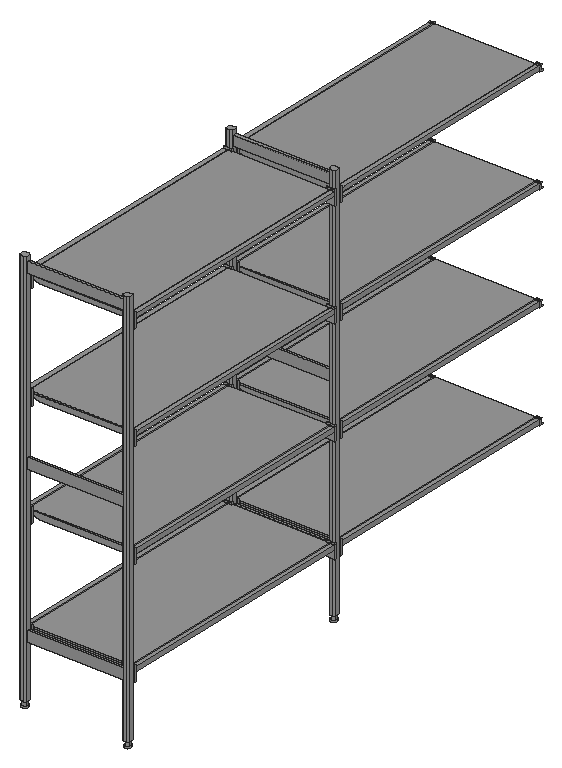
Revit family "QF_ZANUSSI_137085_CLS2192", category Attrezzature speciali, Revit 2020
Family settings
  Quota connettore circolare = Usa diametro
  Tipo di parte = Normale
  Basato su piano di lavoro = No
  Sempre verticale = Sì
  Taglio con vuoti quando caricato = No
  Condiviso = No
  Punto di calcolo locali = No
Parameters (values of type "Standard")
  Weight = 39.00 kg
  Watts = 0 W
  Volts = 0 V
  URL Manufacturer = "http://www.zanussiprofessional.com"
  URL = "http://www.zanussiprofessional.com"
  Steam Supply Size = 0 mm
  Steam Supply Minimum Pressure = 0.0 Pa
  Steam Supply Maximum Pressure = 0.0 Pa
  Steam Consumption per Hour = 0
  Refrigeration Suction Line Size = 0.0 mm
  Refrigeration Liquid Line Size = 0.0 mm
  Refrigerant Compressor Remote = yes
  Prospetto di default = 0.0 mm
  Phase = 0
  Modello = "CLS2192"
  Produttore = "Zanussi"
  Length Actual = 2196.0 mm  # constant formula
  Item Number = "137085"
  Hot Water Size = 0 mm
  Height Actual = 1700.0 mm  # constant formula
  HP = "0 HP"
  Gas Size = 0 mm
  Gas KW = 0
  Gas Input Pressure = 0 W
  Direct Waste Size = 0 mm
  Descrizione = "ALUM.CORNER SHELV.-POLY.TIERS-475X2196MM"
  Depth Actual = 475.0 mm  # constant formula
  Cycle = 0 Hz
  Condensate Return Size = 0 mm
  Compressed Air Volume = 0.0 L/s
  Compressed Air Size = 0 mm
  Compressed Air Pressure = 0.0 Pa
  Cold Water Size = 0 mm
  Accessory = yes
Reference planes
  plane 1: z = 0
  plane 2 "CenterLeft": y = -535.5
  plane 3 "FRONT": y = -921.5
  plane 4 "LEFT": x = 192.5
  plane 5 "RIGHT": x = 667.5
  plane 6 "TOP": z = 1700
  plane 7: y = -889.5
  plane 8: y = 172.5
  plane 9 "Center (Left/Back)": x = 430
  plane 10: x = 256
  plane 11: x = 668
  plane 12 "FEET": z = 25
  plane 13: z = 275
  plane 14: z = 725
  plane 15: z = 1175
  plane 16: z = 1625
  plane 17 "CXLeft": y = -907.5
  plane 18 "Center (Front/Back)": y = 190.5
  plane 19 "CYFront": x = 510
  plane 20: y = 1270.5
  plane 21: y = 208.5
  plane 22 "BACK": y = 1274.5
  plane 23 "LEFT_ORIGIN": x = 158.5
  plane 24 "BACK_ORIGIN": y = 1749.5
Forms (mm)
  Extrusion 1, solid, material "QF_Aluminum"
    sketch origin (38.022, -921.5, -4.006) x (-1, 0, 0) y (0, 0, 1)
      loop
        line (-189.5, 1637.003) -> (-173.5, 1637.003) -> (-173.5, 1655) -> (-175.493, 1655) -> (-175.493, 1648.501) -> (-608.5, 1648.501) -> (-608.5, 1655) -> (-610.5, 1655) -> (-610.5, 1637.003) -> (-594.5, 1637.003) -> (-560.5, 1625) -> (-223.5, 1625) -> (-189.5, 1637.003)
      loop
        line (-189.5, 1187.003) -> (-173.5, 1187.003) -> (-173.5, 1205) -> (-175.493, 1205) -> (-175.493, 1198.501) -> (-608.5, 1198.501) -> (-608.5, 1205) -> (-610.5, 1205) -> (-610.5, 1187.003) -> (-594.5, 1187.003) -> (-560.5, 1175) -> (-223.5, 1175) -> (-189.5, 1187.003)
      loop
        line (-189.5, 737.003) -> (-173.5, 737.003) -> (-173.5, 755) -> (-175.493, 755) -> (-175.493, 748.501) -> (-608.5, 748.501) -> (-608.5, 755) -> (-610.5, 755) -> (-610.5, 737.003) -> (-594.5, 737.003) -> (-560.5, 725) -> (-223.5, 725) -> (-189.5, 737.003)
      loop
        line (-189.5, 287.003) -> (-173.5, 287.003) -> (-173.5, 305) -> (-175.493, 305) -> (-175.493, 298.501) -> (-608.5, 298.501) -> (-608.5, 305) -> (-610.5, 305) -> (-610.5, 287.003) -> (-594.5, 287.003) -> (-560.5, 275) -> (-223.5, 275) -> (-189.5, 287.003)
    from 37 to 32
  Extrusion 2, solid, material "QF_Aluminum"
    sketch origin (38.022, -921.5, 0) x (-1, 0, 0) y (0, 0, 1)
      loop
        line (-154.478, 246.005) -> (-154.478, 307.993) -> (-190.471, 307.993) -> (-190.471, 246.005) -> (-154.478, 246.005)
      loop
        line (-593.484, 246.005) -> (-593.484, 307.993) -> (-629.478, 307.993) -> (-629.478, 246.005) -> (-593.484, 246.005)
      loop
        line (-154.478, 696.005) -> (-154.478, 757.993) -> (-190.471, 757.993) -> (-190.471, 696.005) -> (-154.478, 696.005)
      loop
        line (-593.484, 696.005) -> (-593.484, 757.993) -> (-629.478, 757.993) -> (-629.478, 696.005) -> (-593.484, 696.005)
      loop
        line (-154.478, 1146.005) -> (-154.478, 1207.993) -> (-190.471, 1207.993) -> (-190.471, 1146.005) -> (-154.478, 1146.005)
      loop
        line (-593.484, 1146.005) -> (-593.484, 1207.993) -> (-629.478, 1207.993) -> (-629.478, 1146.005) -> (-593.484, 1146.005)
      loop
        line (-154.478, 1596.005) -> (-154.478, 1657.993) -> (-190.471, 1657.993) -> (-190.471, 1596.005) -> (-154.478, 1596.005)
      loop
        line (-593.484, 1596.005) -> (-593.484, 1657.993) -> (-629.478, 1657.993) -> (-629.478, 1596.005) -> (-593.484, 1596.005)
    from 28 to 32
  Extrusion 3, solid, material "QF_Aluminum"
    sketch origin (38.022, -921.5, 0) x (-1, 0, 0) y (0, 0, 1)
      loop
        line (-154.5, 1650.994) -> (-173.5, 1650.994) -> (-173.5, 1632.998) -> (-154.5, 1632.998) -> (-154.5, 1650.994)
      loop
        line (-154.5, 1200.994) -> (-173.5, 1200.994) -> (-173.5, 1182.998) -> (-154.5, 1182.998) -> (-154.5, 1200.994)
      loop
        line (-154.5, 750.994) -> (-173.5, 750.994) -> (-173.5, 732.998) -> (-154.5, 732.998) -> (-154.5, 750.994)
      loop
        line (-154.5, 300.994) -> (-173.5, 300.994) -> (-173.5, 282.998) -> (-154.5, 282.998) -> (-154.5, 300.994)
      loop
        line (-629.455, 1650.994) -> (-629.455, 1632.998) -> (-610.455, 1632.998) -> (-610.455, 1650.994) -> (-629.455, 1650.994)
      loop
        line (-629.455, 1200.994) -> (-629.455, 1182.998) -> (-610.455, 1182.998) -> (-610.455, 1200.994) -> (-629.455, 1200.994)
      loop
        line (-629.455, 750.994) -> (-629.455, 732.998) -> (-610.455, 732.998) -> (-610.455, 750.994) -> (-629.455, 750.994)
      loop
        line (-629.455, 300.994) -> (-629.455, 282.998) -> (-610.455, 282.998) -> (-610.455, 300.994) -> (-629.455, 300.994)
    from 32 to 1094
  Extrusion 4, solid, material "QF_Polyethylene"
    sketch origin (38.022, -921.5, 0) x (-1, 0, 0) y (0, 0, 1)
      loop
        line (-175.493, 1650.994) -> (-608.5, 1650.994) -> (-608.5, 1644.496) -> (-175.493, 1644.496) -> (-175.493, 1650.994)
      loop
        line (-175.493, 1200.994) -> (-608.5, 1200.994) -> (-608.5, 1194.496) -> (-175.493, 1194.496) -> (-175.493, 1200.994)
      loop
        line (-175.493, 750.994) -> (-608.5, 750.994) -> (-608.5, 744.496) -> (-175.493, 744.496) -> (-175.493, 750.994)
      loop
        line (-175.493, 300.994) -> (-608.5, 300.994) -> (-608.5, 294.496) -> (-175.493, 294.496) -> (-175.493, 300.994)
    from 32 to 1094
  Extrusion 5, solid, material "QF_Aluminum"
    sketch origin (38.022, 684.5, 0) x (-1, 0, 0) y (0, 0, 1)
      loop
        line (-154.5, 1650.994) -> (-173.5, 1650.994) -> (-173.5, 1632.998) -> (-154.5, 1632.998) -> (-154.5, 1650.994)
      loop
        line (-610.455, 1650.994) -> (-629.455, 1650.994) -> (-629.455, 1632.998) -> (-610.455, 1632.998) -> (-610.455, 1650.994)
      loop
        line (-154.5, 1200.994) -> (-173.5, 1200.994) -> (-173.5, 1182.998) -> (-154.5, 1182.998) -> (-154.5, 1200.994)
      loop
        line (-610.455, 1200.994) -> (-629.455, 1200.994) -> (-629.455, 1182.998) -> (-610.455, 1182.998) -> (-610.455, 1200.994)
      loop
        line (-154.5, 750.994) -> (-173.5, 750.994) -> (-173.5, 732.998) -> (-154.5, 732.998) -> (-154.5, 750.994)
      loop
        line (-610.455, 750.994) -> (-629.455, 750.994) -> (-629.455, 732.998) -> (-610.455, 732.998) -> (-610.455, 750.994)
      loop
        line (-154.5, 300.994) -> (-173.5, 300.994) -> (-173.5, 282.998) -> (-154.5, 282.998) -> (-154.5, 300.994)
      loop
        line (-610.455, 300.994) -> (-629.455, 300.994) -> (-629.455, 282.998) -> (-610.455, 282.998) -> (-610.455, 300.994)
    from 586 to -476
  Extrusion 6, solid, material "QF_Polyethylene"
    sketch origin (38.022, 684.5, 0) x (-1, 0, 0) y (0, 0, 1)
      loop
        line (-175.493, 1650.994) -> (-608.5, 1650.994) -> (-608.5, 1644.496) -> (-175.493, 1644.496) -> (-175.493, 1650.994)
      loop
        line (-175.493, 1200.994) -> (-608.5, 1200.994) -> (-608.5, 1194.496) -> (-175.493, 1194.496) -> (-175.493, 1200.994)
      loop
        line (-175.493, 750.994) -> (-608.5, 750.994) -> (-608.5, 744.496) -> (-175.493, 744.496) -> (-175.493, 750.994)
      loop
        line (-175.493, 300.994) -> (-608.5, 300.994) -> (-608.5, 294.496) -> (-175.493, 294.496) -> (-175.493, 300.994)
    from 586 to -476
Lines and regions (mm)
  symbolic lines
    curve 1: line (256, -912.5, 1700) -> (668, -912.5, 1700)
    curve 2: line (668, -902.5, 1700) -> (256, -902.5, 1700)
    curve 3: line (192.5, -893.5, 1700) -> (192.5, 176.5, 1700)
    curve 4: line (667.5, -889.5, 1700) -> (667.5, 172.5, 1700)
    curve 5: line (192.5, 204.5, 1700) -> (192.5, 1274.5, 1700)
    curve 6: line (667.5, 204.5, 1700) -> (667.5, 1274.5, 1700)
    curve 7: line (648.478, 172.5, 1700) -> (648.478, -889.5, 1700)
    curve 8: line (211.522, -889.5, 1700) -> (211.522, 172.5, 1700)
    curve 9: line (211.522, 208.5, 1700) -> (211.522, 1270.5, 1700)
    curve 10: line (648.478, 1270.5, 1700) -> (648.478, 208.5, 1700)
Dimensions and locks
  plane 3 "FRONT" to plane 2 "CenterLeft" = 386.0 mm
  locked: plane 6 "TOP" to level at 1700
  locked: plane 7 to plane 8 at 1062
  locked: plane 10 to plane 11 at 412
  plane 10 to plane 9 "Center (Left/Back)" to plane 11 = 174.0 mm, 238.0 mm
  equal spacing: plane 4 "LEFT", plane 9 "Center (Left/Back)", plane 5 "RIGHT"
  plane 12 "FEET" to level = 25.0 mm
  plane 6 "TOP" to plane 12 "FEET" = 1675.0 mm
  plane 13 to plane 12 "FEET" = 250.0 mm
  plane 14 to plane 13 = 450.0 mm
  plane 15 to plane 14 = 450.0 mm
  plane 16 to plane 15 = 450.0 mm
  locked: plane 21 to plane 20 at 1062
  locked: plane 8 to plane 18 "Center (Front/Back)" at 18
  locked: plane 18 "Center (Front/Back)" to plane 21 at 18
  locked: plane 3 "FRONT" to plane 7 at 32
  locked: plane 4 "LEFT" to plane 5 "RIGHT" at 475
  locked: plane 23 "LEFT_ORIGIN" to plane 5 "RIGHT" at 509
  locked: plane 22 "BACK" to plane 24 "BACK_ORIGIN" at 475
  locked: plane 22 "BACK" to plane 3 "FRONT" at 2196
  aligned and locked: level to plane 1
  aligned and locked: Extrusion 1 to plane 7
  aligned and locked: plane 7 to Extrusion 2
  aligned and locked: Extrusion 4 to plane 7
  aligned and locked: plane 8 to Extrusion 4
  aligned and locked: Extrusion 3 to plane 7
  aligned and locked: plane 8 to Extrusion 3
  aligned and locked: Extrusion 1 sketch curve to Extrusion 1 sketch curve  (x3)
  aligned and locked: Extrusion 5 sketch curve to Extrusion 5 sketch curve  (x2)
  aligned and locked: Extrusion 5 to plane 21  (x5)
  aligned and locked: Extrusion 6 to plane 21  (x5)
  aligned and locked: nested 2 to plane 18 "Center (Front/Back)"
  aligned and locked: plane 17 "CXLeft" to nested 1
  aligned and locked: plane 7 to Extrusion 3  (x3)
  aligned and locked: Extrusion 3 to plane 8  (x4)
  aligned and locked: Extrusion 4 to plane 8  (x4)
  aligned and locked: plane 20 to Extrusion 5
  aligned and locked: plane 20 to Extrusion 6
  aligned and locked: Extrusion 5 to plane 20  (x3)
  aligned and locked: Extrusion 6 to plane 20  (x3)
  aligned and locked: plane 9 "Center (Left/Back)" to nested 2
  aligned and locked: nested 3 to plane 22 "BACK"
Automatic sketch dimensions
  Extrusion 1 sketch curve to plane 19 "CYFront" = 138.522 mm  (x4)
  plane 11 to Extrusion 1 sketch curve = 35.478 mm  (x4)
  Extrusion 1 sketch curve to plane 13 = 4.006 mm
  Extrusion 1 sketch curve to Extrusion 1 sketch curve = 34.0 mm  (x4)
  Extrusion 1 sketch curve to plane 14 = 4.006 mm
  Extrusion 1 sketch curve to plane 15 = 4.006 mm
  Extrusion 1 sketch curve to plane 16 = 4.006 mm
  Extrusion 1 sketch curve to plane 10 = 5.522 mm  (x4)
  plane 10 to Extrusion 1 sketch curve = 28.478 mm  (x4)
  plane 13 to Extrusion 1 sketch curve = 7.998 mm  (x2)
  Extrusion 1 sketch curve to Extrusion 1 sketch curve = 11.498 mm  (x4)
  Extrusion 1 sketch curve to Extrusion 1 sketch curve = 6.499 mm  (x8)
  plane 14 to Extrusion 1 sketch curve = 7.998 mm  (x2)
  plane 15 to Extrusion 1 sketch curve = 7.998 mm  (x2)
  plane 16 to Extrusion 1 sketch curve = 7.998 mm  (x2)
  plane 5 "RIGHT" to Extrusion 2 sketch curve = 35.993 mm  (x4)
  Extrusion 2 sketch curve to plane 4 "LEFT" = 0.0 mm  (x4)
  plane 11 to Extrusion 2 sketch curve = 0.5 mm  (x4)
  plane 10 to Extrusion 2 sketch curve = 27.507 mm  (x4)
  Extrusion 2 sketch curve to plane 13 = 28.995 mm  (x2)
  plane 13 to Extrusion 2 sketch curve = 32.993 mm  (x2)
  Extrusion 2 sketch curve to plane 14 = 28.995 mm  (x2)
  plane 14 to Extrusion 2 sketch curve = 32.993 mm  (x2)
  Extrusion 2 sketch curve to plane 15 = 28.995 mm  (x2)
  plane 15 to Extrusion 2 sketch curve = 32.993 mm  (x2)
  Extrusion 2 sketch curve to plane 16 = 28.995 mm  (x2)
  plane 16 to Extrusion 2 sketch curve = 32.993 mm  (x2)
  plane 13 to Extrusion 4 sketch curve = 19.496 mm
  Extrusion 4 sketch curve to Extrusion 4 sketch curve = 6.499 mm  (x4)
  plane 14 to Extrusion 4 sketch curve = 19.496 mm
  plane 15 to Extrusion 4 sketch curve = 19.496 mm
  plane 16 to Extrusion 4 sketch curve = 19.496 mm
  plane 5 "RIGHT" to Extrusion 5 sketch curve = 0.022 mm  (x4)
  Extrusion 5 sketch curve to plane 4 "LEFT" = 19.022 mm  (x4)
  Extrusion 5 sketch curve to plane 19 "CYFront" = 138.478 mm  (x2)
  plane 13 to Extrusion 5 sketch curve = 7.998 mm  (x2)
  Extrusion 5 sketch curve to Extrusion 5 sketch curve = 17.997 mm  (x8)
  plane 14 to Extrusion 5 sketch curve = 7.998 mm  (x2)
  plane 15 to Extrusion 5 sketch curve = 7.998 mm  (x2)
  plane 16 to Extrusion 5 sketch curve = 7.998 mm  (x2)
  Extrusion 6 sketch curve to plane 19 "CYFront" = 136.522 mm  (x4)
  plane 13 to Extrusion 6 sketch curve = 19.496 mm
  Extrusion 6 sketch curve to Extrusion 6 sketch curve = 6.499 mm  (x4)
  plane 14 to Extrusion 6 sketch curve = 19.496 mm
  plane 15 to Extrusion 6 sketch curve = 19.496 mm
  plane 16 to Extrusion 6 sketch curve = 19.496 mm
  plane 5 "RIGHT" to Extrusion 3 sketch curve = 0.022 mm  (x4)
  Extrusion 3 sketch curve to Extrusion 3 sketch curve = 19.0 mm  (x4)
  plane 14 to Extrusion 3 sketch curve = 7.998 mm  (x2)
  plane 10 to Extrusion 3 sketch curve = 44.478 mm  (x4)
  Extrusion 3 sketch curve to plane 4 "LEFT" = 0.022 mm  (x4)
  plane 13 to Extrusion 3 sketch curve = 25.994 mm  (x2)
  plane 13 to Extrusion 3 sketch curve = 7.998 mm  (x2)
  Extrusion 3 sketch curve to Extrusion 3 sketch curve = 17.997 mm  (x6)
  plane 15 to Extrusion 3 sketch curve = 7.998 mm  (x2)
  plane 16 to Extrusion 3 sketch curve = 7.998 mm  (x2)
  plane 10 to Extrusion 1 sketch curve = 42.484 mm  (x4)
  plane 10 to Extrusion 1 sketch curve = 44.478 mm  (x2)
  Extrusion 1 sketch curve to Extrusion 1 sketch curve = 1.993 mm  (x2)
  plane 10 to Extrusion 4 sketch curve = 42.484 mm  (x4)
  Extrusion 5 sketch curve to plane 4 "LEFT" = 0.022 mm  (x4)
  plane 10 to Extrusion 6 sketch curve = 42.484 mm  (x4)
  Extrusion 1 sketch curve to Extrusion 1 sketch curve = 2.0 mm
  plane 5 "RIGHT" to Extrusion 4 sketch curve = 20.978 mm  (x4)
  curve 1 to plane 11 = 0.0 mm
  curve 1 to plane 10 = 0.0 mm
  curve 2 to plane 10 = 0.0 mm
  curve 2 to plane 11 = 0.0 mm
  curve 3 to plane 4 "LEFT" = 0.0 mm
  curve 4 to plane 5 "RIGHT" = 0.0 mm
  plane 7 to curve 4 = 0.0 mm
  plane 7 to curve 8 = 0.0 mm
  plane 8 to curve 8 = 0.0 mm
  plane 8 to curve 7 = 0.0 mm
  plane 8 to curve 4 = 0.0 mm
  curve 5 to plane 4 "LEFT" = 0.0 mm
  curve 6 to plane 5 "RIGHT" = 0.0 mm
  plane 20 to curve 9 = 0.0 mm
  plane 22 "BACK" to curve 5 = 0.0 mm
  plane 22 "BACK" to curve 6 = 0.0 mm
  plane 7 to curve 3 = 4.0 mm
  plane 17 "CXLeft" to curve 2 = 5.0 mm
  curve 1 to plane 17 "CXLeft" = 5.0 mm
  curve 3 to plane 8 = 4.0 mm
  curve 6 to plane 21 = 4.0 mm
  curve 9 to plane 4 "LEFT" = 19.022 mm
  curve 8 to plane 4 "LEFT" = 19.022 mm
  curve 9 to plane 21 = 0.0 mm
  plane 21 to curve 10 = 0.0 mm
  curve 5 to plane 21 = 4.0 mm
  plane 7 to curve 7 = 0.0 mm
  curve 4 to curve 7 = 19.022 mm
  plane 20 to curve 10 = 0.0 mm
  plane 5 "RIGHT" to curve 10 = 19.022 mm
Nested families
  nested 1: "WT_Anta475" at (215.5, -504.5, 0) x (0, 1, 0) z (0, 0, 1), type "WT_Anta475"
  nested 2: "WT_Anta475Center" at (215.5, 593.5, 0) x (0, 1, 0) z (0, 0, 1), type "WT_Anta475Center"
  nested 3: "WT_Aggancio475" at (215.5, 1682.5, 0) x (0, 1, 0) z (0, 0, 1), type "WT_Aggancio475"
Definition of nested family "WT_Anta475"
  Parameters
    WidthLeft = A + 64.0 mm  # 772.0 mm
    Width = 1606.0 mm
    Right = WidthLeft / 2  # 386.0 mm
    Default Elevation = 0.0 mm
    Left = -WidthLeft / 2  # -386.0 mm
    Height = 1725.0 mm
    FEET = 25.0 mm
    E = 0.0 mm
    Dint = Depth - 63.0 mm  # 412.0 mm
    Dext = Depth - 8.0 mm  # 467.0 mm
    Depth = 475.0 mm
    DX = (WidthLeft - A) / 2  # 32.0 mm
    B = 798.0 mm
    A = 708.0 mm
  Reference planes
    plane 1: z = 0
    plane 2 "LEFT": x = -417
    plane 3 "BACK": y = 23
    plane 4 "FRONT": y = -452
    plane 5 "TOP": z = 1725
    plane 6 "Center (Front/Back)": y = -214.5
    plane 7: y = -8.5
    plane 8: y = -420.5
    plane 9 "FEET": z = 25
    plane 10: z = 275
    plane 11: z = 725
    plane 12: z = 1175
    plane 13: z = 1625
    plane 14 "CXLeft": x = -403
    plane 15: y = 5.5
    plane 16 "CYBack": y = 5.5
    plane 17 "CYFront": y = -434.5
    plane 18: x = -385.031
    plane 19: x = -380.031
  Forms (mm)
    Extrusion 1, solid
      sketch origin (0, 0, 0) x (1, 0, 0) y (0, 1, 0)
        loop
          line (-417, 13.246) -> (-417, -2.246) -> (-410.746, -8.5) -> (-395.254, -8.5) -> (-389, -2.246) -> (-389, 13.246) -> (-395.254, 19.5) -> (-410.746, 19.5) -> (-417, 13.246)
      from 1725 to 25
    Extrusion 2, solid
      sketch origin (-417, 0, 0) x (0, 1, 0) y (0, 0, 1)
        loop
          line (23, 246.005) -> (23, 307.993) -> (-12.993, 307.993) -> (-12.993, 246.005) -> (23, 246.005)
        loop
          line (-452, 246.005) -> (-416.007, 246.005) -> (-416.007, 307.993) -> (-452, 307.993) -> (-452, 246.005)
        loop
          line (23, 696.005) -> (23, 757.993) -> (-12.993, 757.993) -> (-12.993, 696.005) -> (23, 696.005)
        loop
          line (-452, 696.005) -> (-416.007, 696.005) -> (-416.007, 757.993) -> (-452, 757.993) -> (-452, 696.005)
        loop
          line (23, 1146.005) -> (23, 1207.993) -> (-12.993, 1207.993) -> (-12.993, 1146.005) -> (23, 1146.005)
        loop
          line (-452, 1146.005) -> (-416.007, 1146.005) -> (-416.007, 1207.993) -> (-452, 1207.993) -> (-452, 1146.005)
        loop
          line (23, 1596.005) -> (23, 1657.993) -> (-12.993, 1657.993) -> (-12.993, 1596.005) -> (23, 1596.005)
        loop
          line (-452, 1596.005) -> (-416.007, 1596.005) -> (-416.007, 1657.993) -> (-452, 1657.993) -> (-452, 1596.005)
      from 28 to 32
    Revolve 3, solid
      sketch origin (-403, 0, 0) x (0, 1, 0) y (0, 0, 1)
        loop
          line (5.5, 25) -> (5.5, 0) -> (19, 0) -> (19, 5) -> (14, 5) -> (14, 25) -> (5.5, 25)
        axis (5.5, 25) -> (5.5, 0)
      angle from 0 to 360
    Extrusion 4, solid
      sketch origin (-403, 0, 0) x (0, 1, 0) y (0, 0, 1)
        loop
          line (-8.5, 912.382) -> (-8.5, 957.374) -> (-420.5, 957.374) -> (-420.5, 912.382) -> (-8.5, 912.382)
        loop
          line (-8.5, 1662.244) -> (-8.5, 1707.236) -> (-420.5, 1707.236) -> (-420.5, 1662.244) -> (-8.5, 1662.244)
      from -5 to 5
    Revolve 5, solid
      sketch origin (-403, -627, 0) x (0, -1, 0) y (0, 0, 1)
        loop
          line (-192.5, 25) -> (-192.5, 0) -> (-179, 0) -> (-179, 5) -> (-184, 5) -> (-184, 25) -> (-192.5, 25)
        axis (-192.5, 25) -> (-192.5, 0)
      angle from 0 to 360
    Extrusion 6, solid
      sketch origin (0, -627, 0) x (1, 0, 0) y (0, 1, 0)
        loop
          line (-417, 184.754) -> (-410.746, 178.5) -> (-395.254, 178.5) -> (-389, 184.754) -> (-389, 200.246) -> (-395.254, 206.5) -> (-410.746, 206.5) -> (-417, 200.246) -> (-417, 184.754)
      from 1725 to 25
    Extrusion 7, solid
      sketch origin (-417.031, -0.022, 0) x (0, 1, 0) y (0, 0, -1)
        loop
          line (-12, -1632.998) -> (-46, -1620.994) -> (-383, -1620.994) -> (-417, -1632.998) -> (-433, -1632.998) -> (-433, -1650.994) -> (-431, -1650.994) -> (-431, -1644.496) -> (2.007, -1644.496) -> (2.007, -1650.994) -> (4, -1650.994) -> (4, -1632.998) -> (-12, -1632.998)
        loop
          line (-12, -1182.998) -> (-46, -1170.994) -> (-383, -1170.994) -> (-417, -1182.998) -> (-433, -1182.998) -> (-433, -1200.994) -> (-431, -1200.994) -> (-431, -1194.496) -> (2.007, -1194.496) -> (2.007, -1200.994) -> (4, -1200.994) -> (4, -1182.998) -> (-12, -1182.998)
        loop
          line (-12, -732.998) -> (-46, -720.994) -> (-383, -720.994) -> (-417, -732.998) -> (-433, -732.998) -> (-433, -750.994) -> (-431, -750.994) -> (-431, -744.496) -> (2.007, -744.496) -> (2.007, -750.994) -> (4, -750.994) -> (4, -732.998) -> (-12, -732.998)
        loop
          line (-12, -282.998) -> (-46, -270.994) -> (-383, -270.994) -> (-417, -282.998) -> (-433, -282.998) -> (-433, -300.994) -> (-431, -300.994) -> (-431, -294.496) -> (2.007, -294.496) -> (2.007, -300.994) -> (4, -300.994) -> (4, -282.998) -> (-12, -282.998)
      from -32 to -37
    Extrusion 8, solid
      sketch origin (-403, 0, -659.878) x (0, 1, 0) y (0, 0, 1)
        loop
          line (-8.5, 912.382) -> (-8.5, 957.374) -> (-420.5, 957.374) -> (-420.5, 912.382) -> (-8.5, 912.382)
        loop
          line (-8.5, 1572.382) -> (-8.5, 1617.374) -> (-420.5, 1617.374) -> (-420.5, 1572.382) -> (-8.5, 1572.382)
        loop
          line (-8.5, 2322.382) -> (-8.5, 2367.374) -> (-420.5, 2367.374) -> (-420.5, 2322.382) -> (-8.5, 2322.382)
      from -5 to 5
  Lines and regions (mm)
    symbolic lines
      curve 1: line (-408, -8.5, 1725) -> (-408, -420.5, 1725)
      curve 2: line (-398, -420.5, 1725) -> (-398, -8.5, 1725)
      curve 3: line (-395.254, -8.5, 1725) -> (-410.746, -8.5, 1725)
      curve 4: line (-417, -2.246, 1725) -> (-410.746, -8.5, 1725)
      curve 5: line (-417, 13.246, 1725) -> (-417, -2.246, 1725)
      curve 6: line (-410.746, 19.5, 1725) -> (-417, 13.246, 1725)
      curve 7: line (-395.254, 19.5, 1725) -> (-410.746, 19.5, 1725)
      curve 8: line (-389, 13.246, 1725) -> (-395.254, 19.5, 1725)
      curve 9: line (-395.254, -8.5, 1725) -> (-389, -2.246, 1725)
      curve 10: line (-395.254, -420.5, 1725) -> (-410.746, -420.5, 1725)
      curve 11: line (-417, -426.754, 1725) -> (-410.746, -420.5, 1725)
      curve 12: line (-410.746, -448.5, 1725) -> (-417, -442.246, 1725)
      curve 13: line (-395.254, -448.5, 1725) -> (-410.746, -448.5, 1725)
      curve 14: line (-389, -442.246, 1725) -> (-395.254, -448.5, 1725)
      curve 15: line (-395.254, -420.5, 1725) -> (-389, -426.754, 1725)
      curve 16: line (-389, -452, 1725) -> (-389, -416.007, 1725)
      curve 17: line (-389, -416.007, 1725) -> (-385, -416.007, 1725)
      curve 18: line (-389, 23, 1725) -> (-389, -12.993, 1725)
      curve 19: line (-389, -12.993, 1725) -> (-385, -12.993, 1725)
      curve 20: line (-417, -426.754, 1725) -> (-417, -442.246, 1725)
      curve 21: line (-385, -452, 1725) -> (-385, -416.007, 1725)
      curve 22: line (-385, -452, 1725) -> (-389, -452, 1725)
      curve 23: line (-385, 23, 1725) -> (-389, 23, 1725)
      curve 24: line (-385, -12.993, 1725) -> (-385, 23, 1725)
      curve 25: line (-385.031, -13.016, 1725) -> (-385.031, -416.029, 1725)
  Dimensions and locks
    "Height": plane 5 "TOP" to level
    "Depth": plane 3 "BACK" to plane 4 "FRONT"
    "Dint": plane 7 to plane 8
    equal spacing: plane 7, plane 6 "Center (Front/Back)", plane 8
    equal spacing: plane 3 "BACK", plane 6 "Center (Front/Back)", plane 4 "FRONT"
    plane 9 "FEET" to level = 25.0 mm
    plane 5 "TOP" to plane 9 "FEET" = 1700.0 mm
    plane 10 to plane 9 "FEET" = 250.0 mm
    plane 11 to plane 10 = 450.0 mm
    plane 12 to plane 11 = 450.0 mm
    plane 13 to plane 12 = 450.0 mm
    locked: plane 2 "LEFT" to plane 14 "CXLeft" at 14
    locked: plane 3 "BACK" to plane 16 "CYBack" at 17.5
    locked: plane 17 "CYFront" to plane 4 "FRONT" at 17.5
    locked: Revolve 3 sketch curve to Revolve 3 sketch curve at 8.5
    locked: Revolve 3 sketch curve to plane 16 "CYBack" at 13.5
    locked: Revolve 5 sketch curve to Revolve 5 sketch curve at 8.5
    aligned and locked: level to plane 1
    aligned and locked: curve 20 to Extrusion 6
    aligned and locked: plane 5 "TOP" to Extrusion 1
    aligned and locked: plane 5 "TOP" to Extrusion 6
    aligned and locked: Extrusion 7 sketch curve to Extrusion 7 sketch curve  (x3)
  Automatic sketch dimensions
    curve 16 to plane 4 "FRONT" = 0.0 mm
    curve 11 to plane 8 = 0.0 mm
    curve 9 to plane 7 = 0.0 mm
    curve 5 to plane 2 "LEFT" = 0.0 mm
    curve 23 to plane 3 "BACK" = 0.0 mm
    plane 4 "FRONT" to curve 13 = 3.5 mm
    curve 20 to plane 17 "CYFront" = 7.746 mm
    curve 20 to plane 8 = 6.254 mm
    plane 8 to curve 16 = 4.493 mm
    curve 24 to plane 18 = 0.031 mm
    curve 24 to plane 7 = 4.493 mm
    plane 7 to curve 5 = 6.254 mm
    curve 5 to plane 15 = 7.746 mm
    curve 6 to plane 3 "BACK" = 3.5 mm
    curve 21 to plane 18 = 0.031 mm
    plane 18 to curve 23 = 3.969 mm
    plane 18 to curve 16 = 3.969 mm
    curve 18 to curve 8 = 6.254 mm
    curve 18 to curve 3 = 6.254 mm
    curve 16 to curve 13 = 6.254 mm
    curve 16 to curve 15 = 6.254 mm
    plane 2 "LEFT" to curve 10 = 6.254 mm
    plane 2 "LEFT" to curve 7 = 6.254 mm
    plane 2 "LEFT" to curve 12 = 6.254 mm
    plane 2 "LEFT" to curve 3 = 6.254 mm
    curve 14 to plane 17 "CYFront" = 7.746 mm
    curve 15 to plane 8 = 6.254 mm
    plane 7 to curve 9 = 6.254 mm
    curve 8 to plane 15 = 7.746 mm
    curve 3 to curve 2 = 2.746 mm
    curve 1 to curve 10 = 2.746 mm
    Extrusion 1 sketch curve to plane 2 "LEFT" = 0.0 mm
    Extrusion 1 sketch curve to plane 7 = 0.0 mm
    plane 2 "LEFT" to Extrusion 1 sketch curve = 6.254 mm  (x2)
    plane 14 "CXLeft" to Extrusion 1 sketch curve = 7.746 mm  (x2)
    Extrusion 1 sketch curve to plane 3 "BACK" = 3.5 mm
    plane 18 to Extrusion 1 sketch curve = 3.969 mm
    plane 7 to Extrusion 1 sketch curve = 6.254 mm  (x2)
    Extrusion 1 sketch curve to plane 15 = 7.746 mm  (x2)
    Extrusion 2 sketch curve to plane 4 "FRONT" = 0.0 mm  (x4)
    Extrusion 2 sketch curve to plane 3 "BACK" = 0.0 mm  (x4)
    plane 8 to Extrusion 2 sketch curve = 4.493 mm  (x4)
    Extrusion 2 sketch curve to plane 7 = 4.493 mm  (x4)
    Extrusion 2 sketch curve to plane 10 = 28.995 mm  (x2)
    plane 10 to Extrusion 2 sketch curve = 32.993 mm  (x2)
    Extrusion 2 sketch curve to plane 11 = 28.995 mm  (x2)
    plane 11 to Extrusion 2 sketch curve = 32.993 mm  (x2)
    Extrusion 2 sketch curve to plane 12 = 28.995 mm  (x2)
    plane 12 to Extrusion 2 sketch curve = 32.993 mm  (x2)
    Extrusion 2 sketch curve to plane 13 = 28.995 mm  (x2)
    plane 13 to Extrusion 2 sketch curve = 32.993 mm  (x2)
    Revolve 3 sketch curve to plane 9 "FEET" = 0.0 mm  (x2)
    Revolve 3 sketch curve to plane 15 = 0.0 mm  (x2)
    Revolve 3 sketch curve to level = 0.0 mm
    level to Revolve 3 sketch curve = 5.0 mm
    Revolve 3 sketch curve to Revolve 3 sketch curve = 11.655 mm
    Extrusion 4 sketch curve to plane 8 = 0.0 mm  (x2)
    Extrusion 4 sketch curve to plane 7 = 0.0 mm  (x2)
    plane 11 to Extrusion 4 sketch curve = 187.382 mm
    Extrusion 4 sketch curve to Extrusion 4 sketch curve = 44.992 mm
    plane 13 to Extrusion 4 sketch curve = 37.244 mm
    Extrusion 4 sketch curve to plane 5 "TOP" = 17.764 mm
    Revolve 5 sketch curve to plane 9 "FEET" = 0.0 mm  (x2)
    Revolve 5 sketch curve to plane 17 "CYFront" = 0.0 mm  (x2)
    Revolve 5 sketch curve to level = 0.0 mm
    Revolve 5 sketch curve to plane 4 "FRONT" = 4.0 mm
    Revolve 5 sketch curve to Revolve 5 sketch curve = 5.0 mm
    level to Revolve 5 sketch curve = 11.655 mm
    Extrusion 6 sketch curve to plane 2 "LEFT" = 0.0 mm
    Extrusion 6 sketch curve to plane 8 = 0.0 mm
    Extrusion 6 sketch curve to plane 2 "LEFT" = 6.254 mm  (x2)
    Extrusion 6 sketch curve to plane 14 "CXLeft" = 7.746 mm  (x2)
    Extrusion 6 sketch curve to plane 4 "FRONT" = 3.5 mm
    Extrusion 6 sketch curve to plane 18 = 3.969 mm
    plane 8 to Extrusion 6 sketch curve = 6.254 mm  (x2)
    plane 17 "CYFront" to Extrusion 6 sketch curve = 7.746 mm  (x2)
    plane 17 "CYFront" to Extrusion 7 sketch curve = 1.478 mm  (x4)
    Extrusion 7 sketch curve to Extrusion 7 sketch curve = 2.0 mm
    plane 8 to Extrusion 7 sketch curve = 3.478 mm  (x4)
    Extrusion 7 sketch curve to plane 10 = 4.006 mm
    Extrusion 7 sketch curve to Extrusion 7 sketch curve = 34.0 mm  (x4)
    Extrusion 7 sketch curve to plane 11 = 4.006 mm
    Extrusion 7 sketch curve to plane 12 = 4.006 mm
    Extrusion 7 sketch curve to plane 13 = 4.006 mm
    Extrusion 7 sketch curve to plane 7 = 37.522 mm  (x4)
    Extrusion 7 sketch curve to plane 7 = 3.522 mm  (x4)
    plane 15 to Extrusion 7 sketch curve = 3.516 mm  (x4)
    plane 15 to Extrusion 7 sketch curve = 1.522 mm  (x4)
    plane 13 to Extrusion 7 sketch curve = 7.998 mm  (x2)
    Extrusion 7 sketch curve to Extrusion 7 sketch curve = 11.498 mm
    Extrusion 7 sketch curve to Extrusion 7 sketch curve = 6.499 mm  (x5)
    plane 12 to Extrusion 7 sketch curve = 25.994 mm  (x2)
    plane 12 to Extrusion 7 sketch curve = 7.998 mm  (x2)
    plane 11 to Extrusion 7 sketch curve = 25.994 mm  (x2)
    plane 11 to Extrusion 7 sketch curve = 7.998 mm  (x2)
    plane 10 to Extrusion 7 sketch curve = 25.994 mm  (x2)
    plane 10 to Extrusion 7 sketch curve = 7.998 mm  (x2)
    curve 25 to plane 18 = 0.0 mm
    plane 8 to curve 25 = 4.471 mm
    curve 25 to plane 7 = 4.516 mm
    Extrusion 8 sketch curve to plane 8 = 0.0 mm  (x3)
    Extrusion 8 sketch curve to plane 7 = 0.0 mm  (x3)
    Extrusion 8 sketch curve to plane 10 = 22.496 mm
    plane 10 to Extrusion 8 sketch curve = 22.496 mm
    plane 11 to Extrusion 8 sketch curve = 187.504 mm
    Extrusion 8 sketch curve to Extrusion 8 sketch curve = 44.992 mm
    plane 13 to Extrusion 8 sketch curve = 37.504 mm
    Extrusion 8 sketch curve to plane 5 "TOP" = 17.504 mm
Definition of nested family "WT_Anta475Center"
  Parameters
    WidthLeft = A + 64.0 mm  # 772.0 mm
    Width = 1606.0 mm
    Right = WidthLeft / 2  # 386.0 mm
    Default Elevation = 0.0 mm
    Left = -WidthLeft / 2  # -386.0 mm
    Height = 1725.0 mm
    FEET = 25.0 mm
    E = 0.0 mm
    Dint = Depth - 63.0 mm  # 412.0 mm
    Dext = Depth - 8.0 mm  # 467.0 mm
    Depth = 475.0 mm
    DX = (WidthLeft - A) / 2  # 32.0 mm
    B = 798.0 mm
    A = 708.0 mm
  Reference planes
    plane 1: z = 0
    plane 2 "L": x = -417
    plane 3 "BACK": y = 23
    plane 4 "FRONT": y = -452
    plane 5 "TOP": z = 1725
    plane 6 "Center (Front/Back)": y = -214.5
    plane 7: y = -8.5
    plane 8: y = -420.5
    plane 9 "FEET": z = 25
    plane 10: z = 275
    plane 11: z = 725
    plane 12: z = 1175
    plane 13: z = 1625
    plane 14 "CXLeft": x = -403
    plane 15: y = 5.5
    plane 16 "CYBack": y = 5.5
    plane 17 "CYFront": y = -434.5
    plane 18: x = -385.031
    plane 19 "RIGHT": x = -380.031
    plane 20: x = -420.969
    plane 21 "LEFT": x = -425.969
  Forms (mm)
    Extrusion 1, solid
      sketch origin (0, 0, 0) x (1, 0, 0) y (0, 1, 0)
        loop
          line (-417, 13.246) -> (-417, -2.246) -> (-410.746, -8.5) -> (-395.254, -8.5) -> (-389, -2.246) -> (-389, 13.246) -> (-395.254, 19.5) -> (-410.746, 19.5) -> (-417, 13.246)
      from 1725 to 25
    Extrusion 2, solid
      sketch origin (-417, 0, 0) x (0, 1, 0) y (0, 0, 1)
        loop
          line (23, 246.005) -> (23, 307.993) -> (-12.993, 307.993) -> (-12.993, 246.005) -> (23, 246.005)
        loop
          line (-452, 246.005) -> (-416.007, 246.005) -> (-416.007, 307.993) -> (-452, 307.993) -> (-452, 246.005)
        loop
          line (23, 696.005) -> (23, 757.993) -> (-12.993, 757.993) -> (-12.993, 696.005) -> (23, 696.005)
        loop
          line (-452, 696.005) -> (-416.007, 696.005) -> (-416.007, 757.993) -> (-452, 757.993) -> (-452, 696.005)
        loop
          line (23, 1146.005) -> (23, 1207.993) -> (-12.993, 1207.993) -> (-12.993, 1146.005) -> (23, 1146.005)
        loop
          line (-452, 1146.005) -> (-416.007, 1146.005) -> (-416.007, 1207.993) -> (-452, 1207.993) -> (-452, 1146.005)
        loop
          line (23, 1596.005) -> (23, 1657.993) -> (-12.993, 1657.993) -> (-12.993, 1596.005) -> (23, 1596.005)
        loop
          line (-452, 1596.005) -> (-416.007, 1596.005) -> (-416.007, 1657.993) -> (-452, 1657.993) -> (-452, 1596.005)
      from 28 to 32
    Revolve 3, solid
      sketch origin (-403, 0, 0) x (0, 1, 0) y (0, 0, 1)
        loop
          line (5.5, 25) -> (5.5, 0) -> (19, 0) -> (19, 5) -> (14, 5) -> (14, 25) -> (5.5, 25)
        axis (5.5, 25) -> (5.5, 0)
      angle from 0 to 360
    Extrusion 4, solid
      sketch origin (-403, 0, 0) x (0, 1, 0) y (0, 0, 1)
        loop
          line (-8.5, 912.382) -> (-8.5, 957.374) -> (-420.5, 957.374) -> (-420.5, 912.382) -> (-8.5, 912.382)
        loop
          line (-8.5, 1662.244) -> (-8.5, 1707.236) -> (-420.5, 1707.236) -> (-420.5, 1662.244) -> (-8.5, 1662.244)
      from -5 to 5
    Revolve 5, solid
      sketch origin (-403, -627, 0) x (0, -1, 0) y (0, 0, 1)
        loop
          line (-192.5, 25) -> (-192.5, 0) -> (-179, 0) -> (-179, 5) -> (-184, 5) -> (-184, 25) -> (-192.5, 25)
        axis (-192.5, 25) -> (-192.5, 0)
      angle from 0 to 360
    Extrusion 6, solid
      sketch origin (0, -627, 0) x (1, 0, 0) y (0, 1, 0)
        loop
          line (-417, 184.754) -> (-410.746, 178.5) -> (-395.254, 178.5) -> (-389, 184.754) -> (-389, 200.246) -> (-395.254, 206.5) -> (-410.746, 206.5) -> (-417, 200.246) -> (-417, 184.754)
      from 1725 to 25
    Extrusion 7, solid
      sketch origin (-417.031, -0.022, 0) x (0, 1, 0) y (0, 0, -1)
        loop
          line (-12, -1632.998) -> (-46, -1620.994) -> (-383, -1620.994) -> (-417, -1632.998) -> (-433, -1632.998) -> (-433, -1650.994) -> (-431, -1650.994) -> (-431, -1644.496) -> (2.007, -1644.496) -> (2.007, -1650.994) -> (4, -1650.994) -> (4, -1632.998) -> (-12, -1632.998)
        loop
          line (-12, -1182.998) -> (-46, -1170.994) -> (-383, -1170.994) -> (-417, -1182.998) -> (-433, -1182.998) -> (-433, -1200.994) -> (-431, -1200.994) -> (-431, -1194.496) -> (2.007, -1194.496) -> (2.007, -1200.994) -> (4, -1200.994) -> (4, -1182.998) -> (-12, -1182.998)
        loop
          line (-12, -732.998) -> (-46, -720.994) -> (-383, -720.994) -> (-417, -732.998) -> (-433, -732.998) -> (-433, -750.994) -> (-431, -750.994) -> (-431, -744.496) -> (2.007, -744.496) -> (2.007, -750.994) -> (4, -750.994) -> (4, -732.998) -> (-12, -732.998)
        loop
          line (-12, -282.998) -> (-46, -270.994) -> (-383, -270.994) -> (-417, -282.998) -> (-433, -282.998) -> (-433, -300.994) -> (-431, -300.994) -> (-431, -294.496) -> (2.007, -294.496) -> (2.007, -300.994) -> (4, -300.994) -> (4, -282.998) -> (-12, -282.998)
      from -32 to -37
    Extrusion 8, solid
      sketch origin (-403, 0, -659.878) x (0, 1, 0) y (0, 0, 1)
        loop
          line (-8.5, 912.382) -> (-8.5, 957.374) -> (-420.5, 957.374) -> (-420.5, 912.382) -> (-8.5, 912.382)
        loop
          line (-8.5, 1572.382) -> (-8.5, 1617.374) -> (-420.5, 1617.374) -> (-420.5, 1572.382) -> (-8.5, 1572.382)
        loop
          line (-8.5, 2322.382) -> (-8.5, 2367.374) -> (-420.5, 2367.374) -> (-420.5, 2322.382) -> (-8.5, 2322.382)
      from -5 to 5
    Extrusion 9, solid
      sketch origin (-389, 0, 0) x (0, 1, 0) y (0, 0, -1)
        loop
          line (23, -246.005) -> (-12.993, -246.005) -> (-12.993, -307.993) -> (23, -307.993) -> (23, -246.005)
        loop
          line (-452, -246.005) -> (-452, -307.993) -> (-416.007, -307.993) -> (-416.007, -246.005) -> (-452, -246.005)
        loop
          line (23, -696.005) -> (-12.993, -696.005) -> (-12.993, -757.993) -> (23, -757.993) -> (23, -696.005)
        loop
          line (-452, -696.005) -> (-452, -757.993) -> (-416.007, -757.993) -> (-416.007, -696.005) -> (-452, -696.005)
        loop
          line (23, -1146.005) -> (-12.993, -1146.005) -> (-12.993, -1207.993) -> (23, -1207.993) -> (23, -1146.005)
        loop
          line (-452, -1146.005) -> (-452, -1207.993) -> (-416.007, -1207.993) -> (-416.007, -1146.005) -> (-452, -1146.005)
        loop
          line (23, -1596.005) -> (-12.993, -1596.005) -> (-12.993, -1657.993) -> (23, -1657.993) -> (23, -1596.005)
        loop
          line (-452, -1596.005) -> (-452, -1657.993) -> (-416.007, -1657.993) -> (-416.007, -1596.005) -> (-452, -1596.005)
      from 28 to 32
    Extrusion 10, solid
      sketch origin (-388.969, -0.022, 0) x (0, 1, 0) y (0, 0, 1)
        loop
          line (-12, 1632.998) -> (4, 1632.998) -> (4, 1650.994) -> (2.007, 1650.994) -> (2.007, 1644.496) -> (-431, 1644.496) -> (-431, 1650.994) -> (-433, 1650.994) -> (-433, 1632.998) -> (-417, 1632.998) -> (-383, 1620.994) -> (-46, 1620.994) -> (-12, 1632.998)
        loop
          line (-12, 1182.998) -> (4, 1182.998) -> (4, 1200.994) -> (2.007, 1200.994) -> (2.007, 1194.496) -> (-431, 1194.496) -> (-431, 1200.994) -> (-433, 1200.994) -> (-433, 1182.998) -> (-417, 1182.998) -> (-383, 1170.994) -> (-46, 1170.994) -> (-12, 1182.998)
        loop
          line (-12, 732.998) -> (4, 732.998) -> (4, 750.994) -> (2.007, 750.994) -> (2.007, 744.496) -> (-431, 744.496) -> (-431, 750.994) -> (-433, 750.994) -> (-433, 732.998) -> (-417, 732.998) -> (-383, 720.994) -> (-46, 720.994) -> (-12, 732.998)
        loop
          line (-12, 282.998) -> (4, 282.998) -> (4, 300.994) -> (2.007, 300.994) -> (2.007, 294.496) -> (-431, 294.496) -> (-431, 300.994) -> (-433, 300.994) -> (-433, 282.998) -> (-417, 282.998) -> (-383, 270.994) -> (-46, 270.994) -> (-12, 282.998)
      from -32 to -37
  Lines and regions (mm)
    symbolic lines
      curve 1: line (-408, -8.5, 1725) -> (-408, -420.5, 1725)
      curve 2: line (-398, -420.5, 1725) -> (-398, -8.5, 1725)
      curve 3: line (-395.254, -8.5, 1725) -> (-410.746, -8.5, 1725)
      curve 4: line (-417, -2.246, 1725) -> (-410.746, -8.5, 1725)
      curve 5: line (-410.746, 19.5, 1725) -> (-417, 13.246, 1725)
      curve 6: line (-395.254, 19.5, 1725) -> (-410.746, 19.5, 1725)
      curve 7: line (-389, 13.246, 1725) -> (-395.254, 19.5, 1725)
      curve 8: line (-395.254, -8.5, 1725) -> (-389, -2.246, 1725)
      curve 9: line (-395.254, -420.5, 1725) -> (-410.746, -420.5, 1725)
      curve 10: line (-417, -426.754, 1725) -> (-410.746, -420.5, 1725)
      curve 11: line (-410.746, -448.5, 1725) -> (-417, -442.246, 1725)
      curve 12: line (-395.254, -448.5, 1725) -> (-410.746, -448.5, 1725)
      curve 13: line (-389, -442.246, 1725) -> (-395.254, -448.5, 1725)
      curve 14: line (-395.254, -420.5, 1725) -> (-389, -426.754, 1725)
      curve 15: line (-389, -452, 1725) -> (-389, -416.007, 1725)
      curve 16: line (-389, -416.007, 1725) -> (-385, -416.007, 1725)
      curve 17: line (-389, 23, 1725) -> (-389, -12.993, 1725)
      curve 18: line (-389, -12.993, 1725) -> (-385, -12.993, 1725)
      curve 19: line (-385, -452, 1725) -> (-385, -416.007, 1725)
      curve 20: line (-385, -452, 1725) -> (-389, -452, 1725)
      curve 21: line (-385, 23, 1725) -> (-389, 23, 1725)
      curve 22: line (-385, -12.993, 1725) -> (-385, 23, 1725)
      curve 23: line (-385.031, -13.016, 1725) -> (-385.031, -416.029, 1725)
      curve 24: line (-417, -452, 1725) -> (-417, -416.007, 1725)
      curve 25: line (-417, -416.007, 1725) -> (-421, -416.007, 1725)
      curve 26: line (-417, 23, 1725) -> (-417, -12.993, 1725)
      curve 27: line (-417, -12.993, 1725) -> (-421, -12.993, 1725)
      curve 28: line (-421, -452, 1725) -> (-421, -416.007, 1725)
      curve 29: line (-421, -452, 1725) -> (-417, -452, 1725)
      curve 30: line (-421, 23, 1725) -> (-417, 23, 1725)
      curve 31: line (-421, -12.993, 1725) -> (-421, 23, 1725)
      curve 32: line (-420.969, -13.016, 1725) -> (-420.969, -416.029, 1725)
  Dimensions and locks
    "Height": plane 5 "TOP" to level
    "Depth": plane 3 "BACK" to plane 4 "FRONT"
    "Dint": plane 7 to plane 8
    equal spacing: plane 7, plane 6 "Center (Front/Back)", plane 8
    equal spacing: plane 3 "BACK", plane 6 "Center (Front/Back)", plane 4 "FRONT"
    plane 9 "FEET" to level = 25.0 mm
    plane 5 "TOP" to plane 9 "FEET" = 1700.0 mm
    plane 10 to plane 9 "FEET" = 250.0 mm
    plane 11 to plane 10 = 450.0 mm
    plane 12 to plane 11 = 450.0 mm
    plane 13 to plane 12 = 450.0 mm
    locked: plane 3 "BACK" to plane 16 "CYBack" at 17.5
    locked: plane 17 "CYFront" to plane 4 "FRONT" at 17.5
    locked: Revolve 3 sketch curve to Revolve 3 sketch curve at 8.5
    locked: Revolve 3 sketch curve to plane 16 "CYBack" at 13.5
    locked: Revolve 5 sketch curve to Revolve 5 sketch curve at 8.5
    aligned and locked: level to plane 1
    aligned and locked: plane 5 "TOP" to Extrusion 1
    aligned and locked: plane 5 "TOP" to Extrusion 6
    aligned and locked: Extrusion 7 sketch curve to Extrusion 7 sketch curve  (x3)
    aligned and locked: Extrusion 10 sketch curve to Extrusion 10 sketch curve  (x3)
  Automatic sketch dimensions
    curve 15 to plane 4 "FRONT" = 0.0 mm
    curve 28 to plane 4 "FRONT" = 0.0 mm
    curve 9 to plane 8 = 0.0 mm
    curve 25 to plane 2 "L" = 0.0 mm
    curve 8 to plane 7 = 0.0 mm
    curve 17 to plane 3 "BACK" = 0.0 mm
    curve 30 to plane 3 "BACK" = 0.0 mm
    plane 4 "FRONT" to curve 11 = 3.5 mm
    curve 19 to plane 18 = 0.031 mm
    plane 8 to curve 19 = 4.493 mm
    plane 8 to curve 25 = 4.493 mm
    curve 27 to plane 20 = 0.031 mm
    curve 27 to plane 7 = 4.493 mm
    curve 17 to plane 7 = 4.493 mm
    curve 5 to plane 15 = 7.746 mm
    curve 7 to plane 3 "BACK" = 3.5 mm
    curve 18 to plane 18 = 0.031 mm
    plane 18 to curve 21 = 3.969 mm
    plane 18 to curve 20 = 3.969 mm
    curve 15 to curve 9 = 6.254 mm
    curve 17 to curve 7 = 6.254 mm
    curve 17 to curve 3 = 6.254 mm
    curve 15 to curve 12 = 6.254 mm
    plane 2 "L" to curve 12 = 6.254 mm
    plane 2 "L" to curve 4 = 6.254 mm
    plane 2 "L" to curve 10 = 6.254 mm
    plane 2 "L" to curve 5 = 6.254 mm
    curve 28 to plane 20 = 0.031 mm
    curve 13 to plane 17 "CYFront" = 7.746 mm
    curve 14 to plane 8 = 6.254 mm
    plane 7 to curve 8 = 6.254 mm
    curve 7 to plane 15 = 7.746 mm
    curve 9 to curve 2 = 2.746 mm
    curve 1 to curve 9 = 2.746 mm
    Extrusion 1 sketch curve to plane 2 "L" = 0.0 mm
    Extrusion 1 sketch curve to plane 7 = 0.0 mm
    plane 2 "L" to Extrusion 1 sketch curve = 6.254 mm  (x2)
    plane 14 "CXLeft" to Extrusion 1 sketch curve = 7.746 mm  (x2)
    Extrusion 1 sketch curve to plane 3 "BACK" = 3.5 mm
    plane 18 to Extrusion 1 sketch curve = 3.969 mm
    plane 7 to Extrusion 1 sketch curve = 6.254 mm  (x2)
    Extrusion 1 sketch curve to plane 15 = 7.746 mm  (x2)
    Extrusion 2 sketch curve to plane 4 "FRONT" = 0.0 mm  (x4)
    Extrusion 2 sketch curve to plane 3 "BACK" = 0.0 mm  (x4)
    plane 8 to Extrusion 2 sketch curve = 4.493 mm  (x4)
    Extrusion 2 sketch curve to plane 7 = 4.493 mm  (x4)
    Extrusion 2 sketch curve to plane 10 = 28.995 mm  (x2)
    plane 10 to Extrusion 2 sketch curve = 32.993 mm  (x2)
    Extrusion 2 sketch curve to plane 11 = 28.995 mm  (x2)
    plane 11 to Extrusion 2 sketch curve = 32.993 mm  (x2)
    Extrusion 2 sketch curve to plane 12 = 28.995 mm  (x2)
    plane 12 to Extrusion 2 sketch curve = 32.993 mm  (x2)
    Extrusion 2 sketch curve to plane 13 = 28.995 mm  (x2)
    plane 13 to Extrusion 2 sketch curve = 32.993 mm  (x2)
    Revolve 3 sketch curve to plane 9 "FEET" = 0.0 mm  (x2)
    Revolve 3 sketch curve to plane 15 = 0.0 mm  (x2)
    Revolve 3 sketch curve to level = 0.0 mm
    level to Revolve 3 sketch curve = 5.0 mm
    Revolve 3 sketch curve to Revolve 3 sketch curve = 11.655 mm
    Extrusion 4 sketch curve to plane 8 = 0.0 mm  (x2)
    Extrusion 4 sketch curve to plane 7 = 0.0 mm  (x2)
    plane 11 to Extrusion 4 sketch curve = 187.382 mm
    Extrusion 4 sketch curve to Extrusion 4 sketch curve = 44.992 mm
    plane 13 to Extrusion 4 sketch curve = 37.244 mm
    Extrusion 4 sketch curve to plane 5 "TOP" = 17.764 mm
    Revolve 5 sketch curve to plane 9 "FEET" = 0.0 mm  (x2)
    Revolve 5 sketch curve to plane 17 "CYFront" = 0.0 mm  (x2)
    Revolve 5 sketch curve to level = 0.0 mm
    Revolve 5 sketch curve to plane 4 "FRONT" = 4.0 mm
    Revolve 5 sketch curve to Revolve 5 sketch curve = 5.0 mm
    level to Revolve 5 sketch curve = 11.655 mm
    Extrusion 6 sketch curve to plane 2 "L" = 0.0 mm
    Extrusion 6 sketch curve to plane 8 = 0.0 mm
    Extrusion 6 sketch curve to plane 2 "L" = 6.254 mm  (x2)
    Extrusion 6 sketch curve to plane 14 "CXLeft" = 7.746 mm  (x2)
    Extrusion 6 sketch curve to plane 4 "FRONT" = 3.5 mm
    Extrusion 6 sketch curve to plane 18 = 3.969 mm
    plane 8 to Extrusion 6 sketch curve = 6.254 mm  (x2)
    plane 17 "CYFront" to Extrusion 6 sketch curve = 7.746 mm  (x2)
    plane 17 "CYFront" to Extrusion 7 sketch curve = 1.478 mm  (x4)
    Extrusion 7 sketch curve to Extrusion 7 sketch curve = 2.0 mm
    plane 8 to Extrusion 7 sketch curve = 3.478 mm  (x4)
    Extrusion 7 sketch curve to plane 10 = 4.006 mm
    Extrusion 7 sketch curve to Extrusion 7 sketch curve = 34.0 mm  (x4)
    Extrusion 7 sketch curve to plane 11 = 4.006 mm
    Extrusion 7 sketch curve to plane 12 = 4.006 mm
    Extrusion 7 sketch curve to plane 13 = 4.006 mm
    Extrusion 7 sketch curve to plane 7 = 37.522 mm  (x4)
    Extrusion 7 sketch curve to plane 7 = 3.522 mm  (x4)
    plane 15 to Extrusion 7 sketch curve = 3.516 mm  (x4)
    plane 15 to Extrusion 7 sketch curve = 1.522 mm  (x4)
    plane 13 to Extrusion 7 sketch curve = 7.998 mm  (x2)
    Extrusion 7 sketch curve to Extrusion 7 sketch curve = 11.498 mm
    Extrusion 7 sketch curve to Extrusion 7 sketch curve = 6.499 mm  (x5)
    plane 12 to Extrusion 7 sketch curve = 25.994 mm  (x2)
    plane 12 to Extrusion 7 sketch curve = 7.998 mm  (x2)
    plane 11 to Extrusion 7 sketch curve = 25.994 mm  (x2)
    plane 11 to Extrusion 7 sketch curve = 7.998 mm  (x2)
    plane 10 to Extrusion 7 sketch curve = 25.994 mm  (x2)
    plane 10 to Extrusion 7 sketch curve = 7.998 mm  (x2)
    curve 23 to plane 18 = 0.0 mm
    curve 32 to plane 20 = 0.0 mm
    plane 8 to curve 23 = 4.471 mm
    plane 8 to curve 32 = 4.471 mm
    curve 32 to plane 7 = 4.516 mm
    curve 23 to plane 7 = 4.516 mm
    Extrusion 8 sketch curve to plane 8 = 0.0 mm  (x3)
    Extrusion 8 sketch curve to plane 7 = 0.0 mm  (x3)
    Extrusion 8 sketch curve to plane 10 = 22.496 mm
    plane 10 to Extrusion 8 sketch curve = 22.496 mm
    plane 11 to Extrusion 8 sketch curve = 187.504 mm
    Extrusion 8 sketch curve to Extrusion 8 sketch curve = 44.992 mm
    plane 13 to Extrusion 8 sketch curve = 37.504 mm
    Extrusion 8 sketch curve to plane 5 "TOP" = 17.504 mm
    Extrusion 9 sketch curve to plane 4 "FRONT" = 0.0 mm  (x4)
    Extrusion 9 sketch curve to plane 3 "BACK" = 0.0 mm  (x4)
    plane 8 to Extrusion 9 sketch curve = 4.493 mm  (x4)
    Extrusion 9 sketch curve to plane 7 = 4.493 mm  (x4)
    plane 13 to Extrusion 9 sketch curve = 32.993 mm  (x2)
    Extrusion 9 sketch curve to plane 13 = 28.995 mm  (x2)
    plane 12 to Extrusion 9 sketch curve = 32.993 mm  (x2)
    Extrusion 9 sketch curve to plane 12 = 28.995 mm  (x2)
    plane 11 to Extrusion 9 sketch curve = 32.993 mm  (x2)
    Extrusion 9 sketch curve to plane 11 = 28.995 mm  (x2)
    plane 10 to Extrusion 9 sketch curve = 32.993 mm  (x2)
    Extrusion 9 sketch curve to plane 10 = 28.995 mm  (x2)
    plane 17 "CYFront" to Extrusion 10 sketch curve = 1.478 mm  (x4)
    Extrusion 10 sketch curve to Extrusion 10 sketch curve = 2.0 mm
    plane 8 to Extrusion 10 sketch curve = 3.478 mm  (x4)
    Extrusion 10 sketch curve to plane 10 = 4.006 mm
    Extrusion 10 sketch curve to Extrusion 10 sketch curve = 34.0 mm  (x4)
    Extrusion 10 sketch curve to plane 11 = 4.006 mm
    Extrusion 10 sketch curve to plane 12 = 4.006 mm
    Extrusion 10 sketch curve to plane 13 = 4.006 mm
    Extrusion 10 sketch curve to plane 7 = 37.522 mm  (x4)
    Extrusion 10 sketch curve to plane 7 = 3.522 mm  (x4)
    plane 15 to Extrusion 10 sketch curve = 3.516 mm  (x4)
    plane 15 to Extrusion 10 sketch curve = 1.522 mm  (x4)
    plane 10 to Extrusion 10 sketch curve = 7.998 mm  (x2)
    Extrusion 10 sketch curve to Extrusion 10 sketch curve = 11.498 mm  (x4)
    Extrusion 10 sketch curve to Extrusion 10 sketch curve = 6.499 mm  (x8)
    plane 11 to Extrusion 10 sketch curve = 7.998 mm  (x2)
    plane 12 to Extrusion 10 sketch curve = 7.998 mm  (x2)
    plane 13 to Extrusion 10 sketch curve = 7.998 mm  (x2)
    curve 4 to plane 2 "L" = 0.0 mm
    plane 7 to curve 4 = 6.254 mm
    curve 11 to plane 17 "CYFront" = 7.746 mm
    curve 10 to plane 8 = 6.254 mm
Definition of nested family "WT_Aggancio475"
  Parameters
    WidthLeft = A + 64.0 mm  # 772.0 mm
    Width = 1606.0 mm
    Right = WidthLeft / 2  # 386.0 mm
    Default Elevation = 0.0 mm
    Left = -WidthLeft / 2  # -386.0 mm
    Height = 1725.0 mm
    FEET = 25.0 mm
    E = 0.0 mm
    Dint = Depth - 63.0 mm  # 412.0 mm
    Dext = Depth - 8.0 mm  # 467.0 mm
    Depth = 475.0 mm
    DX = (WidthLeft - A) / 2  # 32.0 mm
    B = 798.0 mm
    A = 708.0 mm
  Reference planes
    plane 1: z = 0
    plane 2 "LEFT": x = -417
    plane 3 "BACK": y = 23
    plane 4 "FRONT": y = -452
    plane 5 "TOP": z = 1725
    plane 6 "Center (Front/Back)": y = -214.5
    plane 7: y = -8.5
    plane 8: y = -420.5
    plane 9 "FEET": z = 25
    plane 10: z = 275
    plane 11: z = 725
    plane 12: z = 1175
    plane 13: z = 1625
    plane 14: y = 5.5
    plane 15 "CYBack": y = 5.5
    plane 16 "CYFront": y = -434.5
  Forms (mm)
    Extrusion 1, solid
      sketch origin (-380, -0.022, 0) x (0, 1, 0) y (0, 0, 1)
        loop
          line (-12, 1632.998) -> (4, 1632.998) -> (4, 1650.994) -> (2.007, 1650.994) -> (2.007, 1644.496) -> (-431, 1644.496) -> (-431, 1650.994) -> (-433, 1650.994) -> (-433, 1632.998) -> (-417, 1632.998) -> (-383, 1620.994) -> (-46, 1620.994) -> (-12, 1632.998)
        loop
          line (-12, 1182.998) -> (4, 1182.998) -> (4, 1200.994) -> (2.007, 1200.994) -> (2.007, 1194.496) -> (-431, 1194.496) -> (-431, 1200.994) -> (-433, 1200.994) -> (-433, 1182.998) -> (-417, 1182.998) -> (-383, 1170.994) -> (-46, 1170.994) -> (-12, 1182.998)
        loop
          line (-12, 732.998) -> (4, 732.998) -> (4, 750.994) -> (2.007, 750.994) -> (2.007, 744.496) -> (-431, 744.496) -> (-431, 750.994) -> (-433, 750.994) -> (-433, 732.998) -> (-417, 732.998) -> (-383, 720.994) -> (-46, 720.994) -> (-12, 732.998)
        loop
          line (-12, 282.998) -> (4, 282.998) -> (4, 300.994) -> (2.007, 300.994) -> (2.007, 294.496) -> (-431, 294.496) -> (-431, 300.994) -> (-433, 300.994) -> (-433, 282.998) -> (-417, 282.998) -> (-383, 270.994) -> (-46, 270.994) -> (-12, 282.998)
      from -32 to -37
    Extrusion 2, solid
      sketch origin (-793.062, -324.754, 6.5) x (1, 0, 0) y (0, 0, 1)
        loop
          line (385.062, 1644.496) -> (385.062, 1647.496) -> (376.062, 1647.496) -> (376.062, 1620.994) -> (390.031, 1620.994) -> (390.031, 1626.496) -> (381.062, 1626.496) -> (381.062, 1644.496) -> (385.062, 1644.496)
        loop
          line (385.062, 1194.496) -> (385.062, 1197.496) -> (376.062, 1197.496) -> (376.062, 1170.994) -> (390.031, 1170.994) -> (390.031, 1176.496) -> (381.062, 1176.496) -> (381.062, 1194.496) -> (385.062, 1194.496)
        loop
          line (385.062, 744.496) -> (385.062, 747.496) -> (376.062, 747.496) -> (376.062, 720.994) -> (390.031, 720.994) -> (390.031, 726.496) -> (381.062, 726.496) -> (381.062, 744.496) -> (385.062, 744.496)
        loop
          line (385.062, 294.496) -> (385.062, 297.496) -> (376.062, 297.496) -> (376.062, 270.994) -> (390.031, 270.994) -> (390.031, 276.496) -> (381.062, 276.496) -> (381.062, 294.496) -> (385.062, 294.496)
      from 108.268 to 127.246
    Extrusion 3, solid
      sketch origin (-793.062, 32.754, 6.5) x (1, 0, 0) y (0, 0, 1)
        loop
          line (385.062, 1644.496) -> (385.062, 1647.496) -> (376.062, 1647.496) -> (376.062, 1620.994) -> (390.031, 1620.994) -> (390.031, 1626.496) -> (381.062, 1626.496) -> (381.062, 1644.496) -> (385.062, 1644.496)
        loop
          line (385.062, 1194.496) -> (385.062, 1197.496) -> (376.062, 1197.496) -> (376.062, 1170.994) -> (390.031, 1170.994) -> (390.031, 1176.496) -> (381.062, 1176.496) -> (381.062, 1194.496) -> (385.062, 1194.496)
        loop
          line (385.062, 744.496) -> (385.062, 747.496) -> (376.062, 747.496) -> (376.062, 720.994) -> (390.031, 720.994) -> (390.031, 726.496) -> (381.062, 726.496) -> (381.062, 744.496) -> (385.062, 744.496)
        loop
          line (385.062, 294.496) -> (385.062, 297.496) -> (376.062, 297.496) -> (376.062, 270.994) -> (390.031, 270.994) -> (390.031, 276.496) -> (381.062, 276.496) -> (381.062, 294.496) -> (385.062, 294.496)
      from 9.754 to 28.776
  Lines and regions (mm)
    symbolic lines
      curve 1: line (-412, -452, 0) -> (-408, -452, 0)
      curve 2: line (-412, -433.022, 0) -> (-412, -452, 0)
      curve 3: line (-408, -433.022, 0) -> (-412, -433.022, 0)
      curve 4: line (-408, -452, 0) -> (-408, -433.022, 0)
      curve 5: line (-412, 3.978, 0) -> (-408, 3.978, 0)
      curve 6: line (-412, 23, 0) -> (-412, 3.978, 0)
      curve 7: line (-408, 23, 0) -> (-412, 23, 0)
      curve 8: line (-408, 3.978, 0) -> (-408, 23, 0)
  Dimensions and locks
    "Height": plane 5 "TOP" to level
    "Depth": plane 3 "BACK" to plane 4 "FRONT"
    "Dint": plane 7 to plane 8
